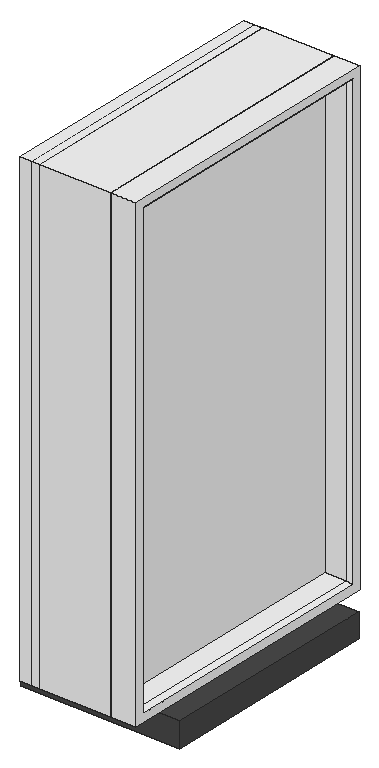
Revit family "LED_End", category Lighting Fixtures, host Face, Revit 2021
Family settings
  Host = Face
  Round Connector Dimension = Use Diameter
  Part Type = Normal
  OmniClass Number = 23.80.70.11.21
  OmniClass Title = Emergency Lighting
  Cut with Voids When Loaded = No
  Light Source = No
  Shared = No
  Room Calculation Point = No
Parameters (values of type "LED-1-G")
  zz Length 1 [instance] = if(Single Face, 0.200", 0.250")  # 0.200"
  Watts = 3.72 W
  Wattage Comments = "3.72 W"
  Warranty = "Fixture: 5 Years Full; Battery: 2 Years Full, 8 Years Pro-Rata"  # constant formula
  Wall Plate Material = Black
  Voltage [instance] = if(Is 120VAC, 120 V, 277 V)  # 120 V
  URL = "https://www.currentlighting.com/dual-lite"
  Type Comments = "Exit Light"  # constant formula
  Single Face = yes
  Product Page URL = ""
  Product Documentation Link = ""
  Model = "LED"
  Manufacturer = "DUAL-LITE"  # constant formula
  Load Classification = Lighting
  Lens = Green Glass
  Lamp = "LED Lamp"  # constant formula
  Is 277VAC [instance] = not(Is 120VAC)  # no
  Is 120VAC [instance] = yes
  Holder Material = Steel
  Glass = light Glass
  Finish = White
  Features = "Vinyl-clad aluminum housing\r\nPolycarbonate face shield\r\nLong-life LED lamps\r\nRed or green letter models\r\nUniversal single/double face\r\nSix finishes offered: white, black, black/brushed, brass, antique brass, and white/brushed\r\nUniversal end/ceiling/wall mounting\r\n120/277 VAC operation, 60 Hz operation\r\nAC On Indicator Light"  # constant formula
  End = End : C1
  Double Face = no
  Description = "Exit sign construction is vinyl clad aluminum in a choice of white, white with brushed face, black, black with brushed face, brass or antique brass finish."  # constant formula
  Default Elevation = 48.000"
  Certification = "UL 924 Listed\r\nNFPA 101 Life Safety Code\r\nCEC T20 Compliant"  # constant formula
  Application = "Conditioned Space, Damp Location"  # constant formula
  Apparent Load = Watts  # 3.72 VA
Types (4): name | Lens | Double Face
  LED-1-G | Green Glass | no
  LED-1-R | Red Glass | no
  LED-2-R | Red Glass | yes
  LED-2-G | Green Glass | yes
Reference planes (in)
  plane 1 "Center (Front/Back)": y = 0
  plane 2: z = 0
  plane 3 "Center (Left/Right)": x = 0
  plane 4: x = -6.25
  plane 5: x = 6.25
  plane 6: x = -2.75
  plane 7: x = 2.75
  plane 8: z = 9.3
  plane 9: y = -1.25
  plane 10: y = 1.25
  plane 11: y = -2.2
  plane 12: y = 2.2
  plane 13: y = -3
  plane 14: y = 3
Forms (in)
  Extrusion 1, solid, material "Black" <- "Wall Plate Material"
    sketch origin (-0.33698, -0.33698, 0) x (1, 0, 0) y (0, 0, 1)
      loop
        line (2.31699, 0.6525) -> (-1.93301, 0.6525) -> (-1.93301, -0.00375) -> (2.31699, -0.00375) -> (2.31699, 0.6525)
    from -3.33698 to 2.66302
Dimensions and locks (in)
  plane 4 to plane 3 "Center (Left/Right)" = 6.250"
  equal spacing: plane 4, plane 3 "Center (Left/Right)", plane 5
  equal spacing: plane 6, plane 3 "Center (Left/Right)", plane 7
  plane 6 to plane 3 "Center (Left/Right)" = 2.750"
  plane 7 to plane 6 = 5.500"
  plane 5 to plane 4 = 12.500"
  plane 8 to plane 2 = 9.300"
  aligned and locked: plane 2 to host face
  aligned and locked: level to host face
Automatic sketch dimensions
  host sketch curve to host sketch curve = 96.000"  (x2)
  Extrusion 1 sketch curve to level = 0.00375"
  Extrusion 1 sketch curve to plane 7 = 0.76999"
  level to Extrusion 1 sketch curve = 0.6525"
  plane 6 to Extrusion 1 sketch curve = 0.48001"
Nested families (in)
  nested 1: "End" at (-0.14499, 0, 0.625) x (0, -1, 0) z (0, 0, 1), type <- "End", type "C1"
Connectors (in)
  electrical at (-0.33698, -0.33698, 0), driven by "Voltage", driven by "Apparent Load"
    settings: on Extrusion 1, index 1, voltage 120 V, apparent load 3.72 VA, apparent load phase1 0 VA, apparent load phase2 0 VA, apparent load phase3 0 VA, power factor 1, load classification "Other", number of poles 1, system type 30, power factor state 1, is connector primary yes, connector utility no, sub classification motor no, connector description "Lighting Connector"
Definition of nested family "End"
  Parameters
    Single Face = yes
    Lens = none
    Glass = none
    Finish = none
    Double Face = yes
    Default Elevation = 0.000"
  Reference planes (in)
    plane 1 "Center (Front/Back)": y = 0
    plane 2: z = 0
    plane 3 "Center (Left/Right)": x = 0
    plane 4: x = -3.75
    plane 5: x = 3.75
    plane 6: z = 12.625
    plane 7: y = 0.866
    plane 8: y = -0.866
    plane 9: y = -1.555
    plane 10: y = 1.555
  Forms (in)
    Extrusion 1, solid, material <- "Finish"
      sketch origin (4.7775, 0.02507, 5.9025) x (0, 0, 1) y (-1, 0, 0)
        loop
          line (-5.875, 8.5275) -> (-5.875, 1.0275) -> (6.7225, 1.0275) -> (6.7225, 8.5275) -> (-5.875, 8.5275)
      from -0.84093 to 1.05216
    Extrusion 2, solid, material <- "Lens", visible <- "Single Face"
      sketch origin (-3.82708, 0.02507, 5.9025) x (0, 0, -1) y (1, 0, 0)
        loop
          line (4.57564, 2.74063) -> (5.3948, 3.3142) -> (4.57564, 3.88778) -> (4.13978, 3.88778) -> (4.95893, 3.3142) -> (4.13978, 2.74063) -> (4.57564, 2.74063)
        loop
          line (2.24666, 6.45678) -> (2.24666, 5.97564) -> (3.3841, 5.97564) -> (3.3841, 3.97225) -> (2.24666, 3.97225) -> (2.24666, 3.36683) -> (3.36524, 3.3823) -> (3.36524, 1.3823) -> (2.11524, 1.3823) -> (2.11524, 0.8823) -> (3.86524, 0.8823) -> (3.86524, 6.45678) -> (2.24666, 6.45678)
        loop
          line (0.77397, 3.67007) -> (1.41733, 6.45678) -> (0.81325, 6.45678) -> (0.47193, 4.97835) -> (0.13061, 6.45678) -> (-0.47347, 6.45678) -> (0.16989, 3.67007) -> (-0.47347, 0.88335) -> (0.13061, 0.88335) -> (0.47193, 2.36179) -> (0.81325, 0.88335) -> (1.41733, 0.88335) -> (0.77397, 3.67007)
        loop
          line (-1.90069, 6.47228) -> (-1.90069, 0.88335) -> (-1.23107, 0.88335) -> (-1.23107, 6.47228) -> (-1.90069, 6.47228)
        loop
          line (-2.56807, 0.88335) -> (-2.56807, 1.61488) -> (-3.44038, 1.61488) -> (-3.44038, 6.47228) -> (-4.11, 6.47228) -> (-4.11, 1.61488) -> (-5.07984, 1.61488) -> (-5.07984, 0.88335) -> (-2.56807, 0.88335)
        loop
          line (-5.47528, 2.74063) -> (-5.03942, 2.74063) -> (-5.85857, 3.3142) -> (-5.03942, 3.88778) -> (-5.47528, 3.88778) -> (-6.29443, 3.3142) -> (-5.47528, 2.74063)
      from 1.05216 to 1.27507
    Extrusion 3, solid, material <- "Glass", visible <- "Single Face"
      sketch origin (4.7775, 0.02507, 5.9025) x (0, 0, 1) y (-1, 0, 0)
        loop
          line (-5.875, 8.5275) -> (-5.875, 1.0275) -> (6.7225, 1.0275) -> (6.7225, 8.5275) -> (-5.875, 8.5275)
      from 1.05 to 1.27507
    Extrusion 4, solid, material <- "Lens", visible <- "Double Face"
      sketch origin (3.5275, 0.02507, 5.9025) x (0, 0, 1) y (1, 0, 0)
        loop
          line (-4.63814, -3.88778) -> (-4.20228, -3.88778) -> (-5.02143, -3.3142) -> (-4.20228, -2.74063) -> (-4.63814, -2.74063) -> (-5.4573, -3.3142) -> (-4.63814, -3.88778)
        loop
          line (2.87166, -6.45678) -> (4.49024, -6.45678) -> (4.49024, -0.8823) -> (2.74024, -0.8823) -> (2.74024, -1.3823) -> (3.99024, -1.3823) -> (3.99024, -3.3823) -> (2.87166, -3.36683) -> (2.87166, -3.97225) -> (4.0091, -3.97225) -> (4.0091, -5.97564) -> (2.87166, -5.97564) -> (2.87166, -6.45678)
        loop
          line (1.98957, -6.45573) -> (1.34358, -3.65762) -> (1.98957, -0.85951) -> (1.359, -0.85951) -> (1.05043, -2.19606) -> (0.74186, -0.85951) -> (0.11129, -0.85951) -> (0.75728, -3.65762) -> (0.11129, -6.45573) -> (0.74186, -6.45573) -> (1.05043, -5.11917) -> (1.359, -6.45573) -> (1.98957, -6.45573)
        loop
          line (-1.27569, -6.47228) -> (-0.60607, -6.47228) -> (-0.60607, -0.88335) -> (-1.27569, -0.88335) -> (-1.27569, -6.47228)
        loop
          line (-4.45484, -6.47228) -> (-1.94307, -6.47228) -> (-1.94307, -5.74075) -> (-2.91291, -5.74075) -> (-2.91291, -0.88335) -> (-3.58253, -0.88335) -> (-3.58253, -5.74075) -> (-4.45484, -5.74075) -> (-4.45484, -6.47228)
        loop
          line (5.33366, -3.88778) -> (6.15281, -3.3142) -> (5.33366, -2.74063) -> (4.8978, -2.74063) -> (5.71695, -3.3142) -> (4.8978, -3.88778) -> (5.33366, -3.88778)
      from 0.84093 to 1.12465
    Extrusion 5, solid, material <- "Glass", visible <- "Double Face"
      sketch origin (4.7775, 0.02507, 5.9025) x (0, 0, 1) y (1, 0, 0)
        loop
          line (6.7225, -1.0275) -> (-5.875, -1.0275) -> (-5.875, -8.5275) -> (6.7225, -8.5275) -> (6.7225, -1.0275)
      from 0.84093 to 1.12465
    Sweep 6, solid, material <- "Finish"
      path origin (0, 0, 0) x (1, 0, 0) y (0, 0, 1)
        loop
          line (-3.75, 12.625) -> (-3.75, 0.0275) -> (3.75, 0.0275) -> (3.75, 12.625) -> (-3.75, 12.625)
      profile origin (0, 0, 12.625) x (0, 0, 1) y (0, -1, 0)
        loop
          line (0, -1.555) -> (0, 1.555) -> (-0.21594, 1.555) -> (-0.31329, 1.45765) -> (-0.31329, -1.45765) -> (-0.21594, -1.555) -> (0, -1.555)
  Dimensions and locks (in)
    Extrusion 5 to Extrusion 3 = 2.39972"
    plane 6 to level = 12.625"
    plane 5 to plane 3 "Center (Left/Right)" = 3.750"
    plane 3 "Center (Left/Right)" to plane 4 = 3.750"
    plane 3 "Center (Left/Right)" to Extrusion 5 = 3.750"
    level to Extrusion 3 = 12.625"
    aligned and locked: plane 2 to level
    aligned and locked: plane 6 to Extrusion 3
    aligned and locked: Extrusion 1 to Extrusion 3
    aligned and locked: Extrusion 5 to Extrusion 1
    aligned and locked: plane 5 to Extrusion 3
